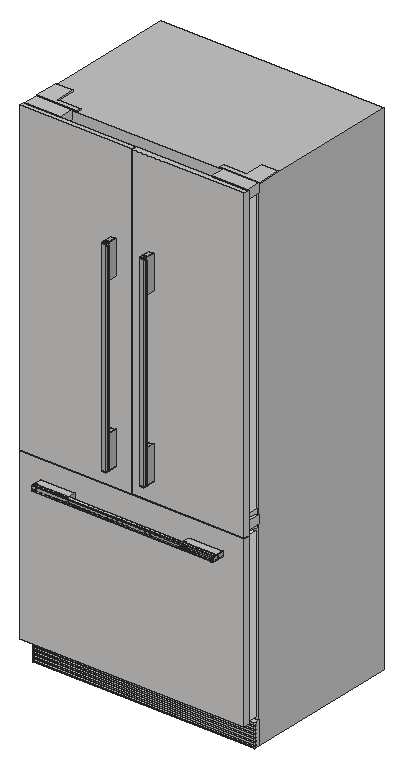
Revit family "FP-Revit20-RS32A72J1-FrenchDoorFridgeFreezer-0-90005076A-NZ-AU-UK-IE-EU-CN-ASIA", category Specialty Equipment, Revit 2020 (continued)
Definition of nested family "F&P Handle Kit - Contemporary Square - Vertical"
  Lines and regions (mm)
    sketch lines
      curve 1: line (8, -40.5, 363.5) -> (8, -29.487, 363.5)
      curve 2: arc (8, -40.5, 363.5) -> (7.561, -41.561, 363.5) -> (6.5, -42, 363.5) r 1.5
      curve 3: line (-6.5, -42, 363.5) -> (6.5, -42, 363.5)
      curve 4: arc (-6.5, -42, 363.5) -> (-7.561, -41.561, 363.5) -> (-8, -40.5, 363.5) r 1.5
      curve 5: line (-8, -29.514, 363.5) -> (-8, -40.5, 363.5)
      curve 6: line (8, -29.487, -363.5) -> (8, -40.5, -363.5)
      curve 7: arc (6.5, -42, -363.5) -> (7.561, -41.561, -363.5) -> (8, -40.5, -363.5) r 1.5
      curve 8: line (6.5, -42, -363.5) -> (-6.5, -42, -363.5)
      curve 9: arc (-8, -40.5, -363.5) -> (-7.561, -41.561, -363.5) -> (-6.5, -42, -363.5) r 1.5
      curve 10: line (-8, -40.5, -363.5) -> (-8, -29.514, -363.5)
  Dimensions and locks
    equal spacing: plane 4 "Top", level, plane 5 "Bottom"
    "Handle - Length": plane 4 "Top" to plane 5 "Bottom"
    locked: plane 4 "Top" to plane 6 "Top Standoff" at 120
    locked: plane 7 "Bottom Standoff" to plane 5 "Bottom" at 120
    aligned and locked: level to plane 2
    aligned and locked: plane 4 "Top" to Extrusion 2
    aligned and locked: Extrusion 2 to plane 6 "Top Standoff"
    aligned and locked: plane 4 "Top" to Extrusion 1
    aligned and locked: Extrusion 1 to plane 5 "Bottom"
    aligned and locked: Extrusion 3 to plane 5 "Bottom"
    aligned and locked: plane 7 "Bottom Standoff" to Extrusion 3
    aligned and locked: plane 4 "Top" to Extrusion 8 sketch curve
    aligned and locked: plane 6 "Top Standoff" to Extrusion 8 sketch curve
    aligned and locked: plane 7 "Bottom Standoff" to Extrusion 8 sketch curve
    aligned and locked: plane 5 "Bottom" to Extrusion 8 sketch curve
    aligned and locked: plane 1 "Center (Front/Back)" to Extrusion 8 sketch curve  (x2)
  Automatic sketch dimensions
    Extrusion 1 sketch curve to plane 3 "Center (Left/Right)" = 8 mm
    Extrusion 1 sketch curve to Extrusion 1 sketch curve = 1 mm  (x2)
    Extrusion 1 sketch curve to Extrusion 1 sketch curve = 1.5 mm
    plane 3 "Center (Left/Right)" to Extrusion 1 sketch curve = 0.018 mm
    plane 3 "Center (Left/Right)" to Extrusion 1 sketch curve = 6.5 mm
    plane 3 "Center (Left/Right)" to Extrusion 1 sketch curve = 7 mm
    plane 1 "Center (Front/Back)" to Extrusion 1 sketch curve = 42 mm
    Extrusion 1 sketch curve to Extrusion 1 sketch curve = 1.206 mm
    Extrusion 1 sketch curve to Extrusion 1 sketch curve = 10.986 mm
    Extrusion 1 sketch curve to Extrusion 1 sketch curve = 11.013 mm
    Extrusion 1 sketch curve to Extrusion 1 sketch curve = 0 mm
    plane 1 "Center (Front/Back)" to Extrusion 2 sketch curve = 0 mm
    Extrusion 2 sketch curve to plane 3 "Center (Left/Right)" = 7.674 mm
    Extrusion 2 sketch curve to Extrusion 2 sketch curve = 0.4 mm  (x2)
    Extrusion 2 sketch curve to plane 3 "Center (Left/Right)" = 0.026 mm
    plane 3 "Center (Left/Right)" to Extrusion 2 sketch curve = 7.274 mm
    plane 1 "Center (Front/Back)" to Extrusion 2 sketch curve = 27.86 mm
    Extrusion 2 sketch curve to Extrusion 2 sketch curve = 0.033 mm
    Extrusion 2 sketch curve to Extrusion 2 sketch curve = 11.398 mm
    Extrusion 2 sketch curve to Extrusion 2 sketch curve = 0 mm
    plane 1 "Center (Front/Back)" to Extrusion 3 sketch curve = 0 mm
    Extrusion 3 sketch curve to Extrusion 3 sketch curve = 0.4 mm  (x2)
    Extrusion 3 sketch curve to Extrusion 3 sketch curve = 7.248 mm
    Extrusion 3 sketch curve to Extrusion 3 sketch curve = 7.3 mm
    plane 1 "Center (Front/Back)" to Extrusion 3 sketch curve = 27.86 mm
    Extrusion 3 sketch curve to Extrusion 3 sketch curve = 0.033 mm
    Extrusion 3 sketch curve to Extrusion 3 sketch curve = 11.398 mm
    Extrusion 3 sketch curve to Extrusion 3 sketch curve = 0 mm
    Sweep 4 sketch curve to profile plane = 0 mm  (x2)
    Sweep 4 sketch curve to profile plane = 1.3 mm  (x2)
    Sweep 5 sketch curve to profile plane = 0 mm  (x2)
    Sweep 5 sketch curve to profile plane = 1.3 mm  (x2)
    Extrusion 6 sketch curve to plane 5 "Bottom" = 0 mm  (x2)
    plane 5 "Bottom" to Extrusion 6 sketch curve = 1.3 mm  (x2)
    Extrusion 6 sketch curve to plane 3 "Center (Left/Right)" = 8 mm
    Extrusion 6 sketch curve to Extrusion 6 sketch curve = 1.3 mm  (x2)
    plane 3 "Center (Left/Right)" to Extrusion 6 sketch curve = 8 mm
    Extrusion 7 sketch curve to plane 4 "Top" = 0 mm  (x2)
    Extrusion 7 sketch curve to plane 3 "Center (Left/Right)" = 8 mm
    Extrusion 7 sketch curve to Extrusion 7 sketch curve = 1.3 mm  (x2)
    plane 3 "Center (Left/Right)" to Extrusion 7 sketch curve = 8 mm
    Extrusion 7 sketch curve to plane 4 "Top" = 1.3 mm  (x2)
    plane 1 "Center (Front/Back)" to Extrusion 8 sketch curve = 26.245 mm
    plane 1 "Center (Front/Back)" to Extrusion 8 sketch curve = 42 mm
    Extrusion 3 sketch curve to plane 3 "Center (Left/Right)" = 7.674 mm
Definition of nested family "F&P Handle Kit - Contemporary Square Fine - Horizontal"
  Parameters (values of type "AHD5RD80AB - Contemporary square fine black handle (2 of 2) (Horizontal) 646mm")
    URL = "www.fisherpaykel.com"
    Material - Handle = none
    Manufacturer = "Fisher & Paykel Appliances"
    Handle - Length = 646 mm
    Default Elevation = 0 mm
  Types (15, lengths in mm): name | Handle - Length
    (no name) | 646
    AHD5RD2484W - Contemporary square fine handle (2 of 2) (Horizontal) 494mm | 494
    AHD5RD2484WB - Contemporary square fine black handle (2 of 2) (Horizontal) 494mm | 494
    AHD5RD3084W - Contemporary square fine handle (2 of 2) (Horizontal) 646mm | 646
    AHD5RD3084WB - Contemporary square fine black handle (2 of 2) (Horizontal) 646mm | 646
    AHD5RD7621W - Contemporary square fine handle (2 of 2) (Horizontal) 646mm | 646
    AHD5RD7621WB - Contemporary square fine handle black (2 of 2) (Horizontal) 646mm | 646
    AHD5RD6121W - Contemporary square fine handle (2 of 2) (Horizontal) 494mm | 494
    AHD5RD6121WB - Contemporary square fine handle black (2 of 2) (Horizontal) 494mm | 494
    AHD5RD36A - Contemporary square fine handle (2 of 2) (Horizontal) 746mm | 746
    AHD5RD36AB - Contemporary square fine black handle (2 of 2) (Horizontal) 746mm | 746
    AHD5RD90A - Contemporary square fine handle (2 of 2) (Horizontal) 746mm | 746
    AHD5RD80A - Contemporary square fine handle (2 of 2) (Horizontal) 646mm | 646
    AHD5RD80AB - Contemporary square fine black handle (2 of 2) (Horizontal) 646mm | 646
    AHD5RD90AB - Contemporary square fine black handle (2 of 2) (Horizontal) 746mm | 746
  Reference planes
    plane 1 "Center (Front/Back)": y = 0
    plane 2: z = 0
    plane 3 "Center (Left/Right)": x = 0
    plane 4 "Product LHS": x = -323
    plane 5 "Product RHS": x = 323
    plane 6 "LHS Standoff": x = -202.995
    plane 7 "RHS Standoff": x = 203.005
  Forms (mm)
    Extrusion 1, solid, material <- "Material - Handle", detail levels fine
      sketch origin (0, 0, 0) x (0, 1, 0) y (0, 0, 1)
        loop
          arc (-26.813, 6.16) -> (-27.196, 6.554) -> (-27.728, 6.686) r 1
          line (-27.728, 6.686) -> (-40.035, 6.256)
          arc (-40.035, 6.256) -> (-40.719, 5.951) -> (-41, 5.257) r 1
          line (-41, 5.257) -> (-41, -5.257)
          arc (-41, -5.257) -> (-40.719, -5.951) -> (-40.035, -6.256) r 1
          line (-40.035, -6.256) -> (-27.709, -6.686)
          arc (-27.709, -6.686) -> (-27.175, -6.554) -> (-26.792, -6.158) r 1
          arc (-26.792, -6.158) -> (-25.256, 0.004) -> (-26.813, 6.16) r 13.038
      from -323 to 323
    Extrusion 2, solid, material <- "Material - Handle", detail levels fine
      sketch origin (0, 0, 0) x (0, 1, 0) y (0, 0, 1)
        loop
          arc (-26.626, -6.008) -> (-26.614, -6.49) -> (-26.2, -6.737) r 0.5
          line (-26.2, -6.737) -> (0, -7.696) -> (0, 7.704) -> (-26.174, 6.747)
          arc (-26.174, 6.747) -> (-26.587, 6.5) -> (-26.6, 6.019) r 0.5
          arc (-26.6, 6.019) -> (-25.156, 0.002) -> (-26.626, -6.008) r 13.136
      from 203.005 to 323
    Extrusion 3, solid, material <- "Material - Handle", detail levels coarse+medium
      sketch origin (0, 0, 0) x (1, 0, 0) y (0, 1, 0)
        loop
          line (-323, -42) -> (323, -42) -> (323, 0) -> (203.005, 0) -> (203.005, -26.156) -> (-202.995, -26.156) -> (-202.995, 0) -> (-323, 0) -> (-323, -42)
      from -8.022 to 7.978
    Extrusion 4, solid, material <- "Material - Handle", detail levels fine
      sketch origin (0, 0, 0) x (0, 1, 0) y (0, 0, 1)
        loop
          arc (-26.626, -6.008) -> (-26.614, -6.49) -> (-26.2, -6.737) r 0.5
          line (-26.2, -6.737) -> (0, -7.696) -> (0, 7.704) -> (-26.174, 6.747)
          arc (-26.174, 6.747) -> (-26.587, 6.5) -> (-26.6, 6.019) r 0.5
          arc (-26.6, 6.019) -> (-25.156, 0.002) -> (-26.626, -6.008) r 13.136
      from -323 to -202.995
  Dimensions and locks
    equal spacing: plane 4 "Product LHS", plane 3 "Center (Left/Right)", plane 5 "Product RHS"
    "Handle - Length": plane 4 "Product LHS" to plane 5 "Product RHS"
    locked: plane 4 "Product LHS" to plane 6 "LHS Standoff" at 120.005
    locked: plane 7 "RHS Standoff" to plane 5 "Product RHS" at 119.995
    aligned and locked: level to plane 2
    aligned and locked: Extrusion 1 to plane 5 "Product RHS"
    aligned and locked: plane 4 "Product LHS" to Extrusion 1
    aligned and locked: Extrusion 2 to plane 5 "Product RHS"
    aligned and locked: plane 4 "Product LHS" to Extrusion 3 sketch curve
    aligned and locked: Extrusion 3 sketch curve to plane 5 "Product RHS"
    aligned and locked: Extrusion 3 sketch curve to plane 7 "RHS Standoff"
    aligned and locked: plane 6 "LHS Standoff" to Extrusion 3 sketch curve
    aligned and locked: plane 4 "Product LHS" to Extrusion 4
    aligned and locked: plane 6 "LHS Standoff" to Extrusion 4
    aligned and locked: Extrusion 2 to plane 7 "RHS Standoff"
  Automatic sketch dimensions
    Extrusion 1 sketch curve to level = 5.257 mm
    plane 1 "Center (Front/Back)" to Extrusion 1 sketch curve = 41 mm
    level to Extrusion 1 sketch curve = 6.256 mm
    Extrusion 1 sketch curve to Extrusion 1 sketch curve = 0.965 mm  (x2)
    Extrusion 1 sketch curve to level = 6.256 mm
    Extrusion 1 sketch curve to Extrusion 1 sketch curve = 0.035 mm  (x3)
    Extrusion 1 sketch curve to level = 0.018 mm
    Extrusion 1 sketch curve to Extrusion 1 sketch curve = 1.706 mm
    level to Extrusion 1 sketch curve = 6.686 mm
    Extrusion 1 sketch curve to Extrusion 1 sketch curve = 12.307 mm
    Extrusion 1 sketch curve to level = 6.686 mm
    Extrusion 1 sketch curve to Extrusion 1 sketch curve = 12.326 mm
    Extrusion 1 sketch curve to Extrusion 1 sketch curve = 0.999 mm  (x2)
    Extrusion 1 sketch curve to Extrusion 1 sketch curve = 0 mm
    Extrusion 2 sketch curve to plane 1 "Center (Front/Back)" = 0 mm
    level to Extrusion 2 sketch curve = 6.247 mm
    plane 1 "Center (Front/Back)" to Extrusion 2 sketch curve = 26.155 mm
    level to Extrusion 2 sketch curve = 6.747 mm
    Extrusion 2 sketch curve to Extrusion 2 sketch curve = 0.018 mm  (x2)
    Extrusion 2 sketch curve to level = 6.238 mm
    Extrusion 2 sketch curve to Extrusion 2 sketch curve = 0.026 mm
    Extrusion 2 sketch curve to level = 6.737 mm
    level to Extrusion 2 sketch curve = 0.03 mm
    Extrusion 2 sketch curve to Extrusion 2 sketch curve = 12.11 mm
    Extrusion 2 sketch curve to level = 7.696 mm
    level to Extrusion 2 sketch curve = 7.704 mm
    Extrusion 2 sketch curve to Extrusion 2 sketch curve = 0 mm
    plane 1 "Center (Front/Back)" to Extrusion 3 sketch curve = 42 mm
    Extrusion 3 sketch curve to Extrusion 3 sketch curve = 15.844 mm
    Extrusion 3 sketch curve to Extrusion 3 sketch curve = 26.156 mm  (x2)
    level to Extrusion 4 sketch curve = 0.03 mm
    plane 1 "Center (Front/Back)" to Extrusion 4 sketch curve = 38.291 mm
    Extrusion 4 sketch curve to level = 6.737 mm
    Extrusion 4 sketch curve to Extrusion 4 sketch curve = 12.091 mm
    Extrusion 4 sketch curve to Extrusion 4 sketch curve = 0.018 mm  (x2)
    level to Extrusion 4 sketch curve = 6.747 mm
    Extrusion 4 sketch curve to Extrusion 4 sketch curve = 0.008 mm
    level to Extrusion 4 sketch curve = 7.704 mm
    Extrusion 4 sketch curve to Extrusion 4 sketch curve = 26.174 mm
    Extrusion 4 sketch curve to level = 7.696 mm
    Extrusion 4 sketch curve to Extrusion 4 sketch curve = 0.5 mm  (x2)
    Extrusion 4 sketch curve to Extrusion 4 sketch curve = 0 mm
Definition of nested family "F&P Handle Kit - Contemporary Square Fine - Vertical"
  Parameters (values of type "AHD5RD90AB - Contemporary square fine black handle (1 of 2) (Vertical) 727mm")
    URL = "www.fisherpaykel.com"
    Material - Handle = none
    Manufacturer = "Fisher & Paykel Appliances"
    Handle - Length = 727 mm
    Default Elevation = 0 mm
  Types (14): name
    AHD5RD2484W - Contemporary square fine handle (1 of 2) (Vertical) 727mm
    AHD5RD2484WB - Contemporary square fine black handle (1 of 2) (Vertical) 727mm
    AHD5RD3084W - Contemporary square fine handle (1 of 2) (Vertical) 727mm
    AHD5RD3084WB - Contemporary square fine black handle (1 of 2) (Vertical) 727mm
    AHD5RD6121W - Contemporary square fine handle (1 of 2) (Vertical) 727mm
    AHD5RD6121WB - Contemporary square fine black handle (1 of 2) (Vertical) 727mm
    AHD5RD7621W - Contemporary square fine handle (1 of 2) (Vertical) 727mm
    AHD5RD7621WB - Contemporary square fine black handle (1 of 2) (Vertical) 727mm
    AHD5RD36A - Contemporary square fine handle (1 of 2) (Vertical) 727mm
    AHD5RD36AB - Contemporary square fine black handle (1 of 2) (Vertical) 727mm
    AHD5RD80A - Contemporary square fine handle (1 of 2) (Vertical) 727mm
    AHD5RD90A - Contemporary square fine handle (1 of 2) (Vertical) 727mm
    AHD5RD80AB - Contemporary square fine black handle (1 of 2) (Vertical) 727mm
    AHD5RD90AB - Contemporary square fine black handle (1 of 2) (Vertical) 727mm
  Reference planes
    plane 1 "Center (Front/Back)": y = 0
    plane 2: z = 0
    plane 3 "Center (Left/Right)": x = 0
    plane 4 "Top": z = 363.5
    plane 5 "Bottom": z = -363.5
    plane 6 "Top Standoff": z = 243.5
    plane 7 "Bottom Standoff": z = -243.5
  Forms (mm)
    Extrusion 1, solid, material <- "Material - Handle", detail levels fine
      sketch origin (0, 0, 0) x (1, 0, 0) y (0, 1, 0)
        loop
          arc (-6.16, -26.813) -> (-6.554, -27.196) -> (-6.686, -27.728) r 1
          line (-6.686, -27.728) -> (-6.256, -40.035)
          arc (-6.256, -40.035) -> (-5.951, -40.719) -> (-5.257, -41) r 1
          line (-5.257, -41) -> (5.257, -41)
          arc (5.257, -41) -> (5.951, -40.719) -> (6.256, -40.035) r 1
          line (6.256, -40.035) -> (6.686, -27.709)
          arc (6.686, -27.709) -> (6.554, -27.175) -> (6.158, -26.792) r 1
          arc (6.158, -26.792) -> (-0.004, -25.256) -> (-6.16, -26.813) r 13.038
      from -363.5 to 363.5
    Extrusion 2, solid, material <- "Material - Handle", detail levels fine
      sketch origin (0, 0, 0) x (1, 0, 0) y (0, 1, 0)
        loop
          arc (6.012, -26.626) -> (6.494, -26.614) -> (6.741, -26.2) r 0.5
          line (6.741, -26.2) -> (7.7, 0) -> (-7.7, 0) -> (-6.742, -26.174)
          arc (-6.742, -26.174) -> (-6.496, -26.587) -> (-6.015, -26.6) r 0.5
          arc (-6.015, -26.6) -> (0.002, -25.156) -> (6.012, -26.626) r 13.136
      from 243.5 to 363.5
    Extrusion 3, solid, material <- "Material - Handle", detail levels coarse+medium
      sketch origin (0, 0, 0) x (0, 1, 0) y (0, 0, 1)
        loop
          line (0, 363.5) -> (-42, 363.5) -> (-42, -363.5) -> (0, -363.5) -> (0, -243.5) -> (-26.245, -243.5) -> (-26.245, 243.5) -> (0, 243.5) -> (0, 363.5)
      from -8 to 8
    Extrusion 4, solid, material <- "Material - Handle", detail levels fine
      sketch origin (0, 0, 0) x (1, 0, 0) y (0, 1, 0)
        loop
          arc (6.012, -26.626) -> (6.494, -26.614) -> (6.741, -26.2) r 0.5
          line (6.741, -26.2) -> (7.7, 0) -> (-7.7, 0) -> (-6.742, -26.174)
          arc (-6.742, -26.174) -> (-6.496, -26.587) -> (-6.015, -26.6) r 0.5
          arc (-6.015, -26.6) -> (0.002, -25.156) -> (6.012, -26.626) r 13.136
      from -363.5 to -243.5
  Dimensions and locks
    equal spacing: plane 4 "Top", level, plane 5 "Bottom"
    "Handle - Length": plane 4 "Top" to plane 5 "Bottom"
    locked: plane 4 "Top" to plane 6 "Top Standoff" at 120
    locked: plane 7 "Bottom Standoff" to plane 5 "Bottom" at 120
    aligned and locked: level to plane 2
    aligned and locked: plane 4 "Top" to Extrusion 2
    aligned and locked: Extrusion 2 to plane 6 "Top Standoff"
    aligned and locked: plane 4 "Top" to Extrusion 1
    aligned and locked: Extrusion 1 to plane 5 "Bottom"
    aligned and locked: plane 4 "Top" to Extrusion 3 sketch curve
    aligned and locked: plane 6 "Top Standoff" to Extrusion 3 sketch curve
    aligned and locked: plane 7 "Bottom Standoff" to Extrusion 3 sketch curve
    aligned and locked: plane 5 "Bottom" to Extrusion 3 sketch curve
    aligned and locked: Extrusion 4 to plane 5 "Bottom"
    aligned and locked: plane 7 "Bottom Standoff" to Extrusion 4
  Automatic sketch dimensions
    Extrusion 1 sketch curve to plane 3 "Center (Left/Right)" = 6.686 mm
    Extrusion 1 sketch curve to plane 3 "Center (Left/Right)" = 6.256 mm
    Extrusion 1 sketch curve to Extrusion 1 sketch curve = 0.999 mm  (x4)
    plane 3 "Center (Left/Right)" to Extrusion 1 sketch curve = 0.018 mm
    plane 3 "Center (Left/Right)" to Extrusion 1 sketch curve = 5.257 mm
    plane 3 "Center (Left/Right)" to Extrusion 1 sketch curve = 5.687 mm
    plane 1 "Center (Front/Back)" to Extrusion 1 sketch curve = 41 mm
    Extrusion 1 sketch curve to Extrusion 1 sketch curve = 0.965 mm  (x2)
    Extrusion 1 sketch curve to Extrusion 1 sketch curve = 1.706 mm
    Extrusion 1 sketch curve to Extrusion 1 sketch curve = 12.307 mm
    Extrusion 1 sketch curve to Extrusion 1 sketch curve = 12.326 mm
    Extrusion 1 sketch curve to Extrusion 1 sketch curve = 0.035 mm  (x2)
    Extrusion 1 sketch curve to Extrusion 1 sketch curve = 0 mm
    plane 1 "Center (Front/Back)" to Extrusion 2 sketch curve = 0 mm
    Extrusion 2 sketch curve to plane 3 "Center (Left/Right)" = 7.7 mm
    Extrusion 2 sketch curve to plane 3 "Center (Left/Right)" = 6.742 mm
    Extrusion 2 sketch curve to Extrusion 2 sketch curve = 0.5 mm  (x2)
    Extrusion 2 sketch curve to plane 3 "Center (Left/Right)" = 0.026 mm
    plane 3 "Center (Left/Right)" to Extrusion 2 sketch curve = 6.242 mm
    plane 3 "Center (Left/Right)" to Extrusion 2 sketch curve = 7.7 mm
    plane 1 "Center (Front/Back)" to Extrusion 2 sketch curve = 26.155 mm
    Extrusion 2 sketch curve to Extrusion 2 sketch curve = 0.018 mm  (x2)
    Extrusion 2 sketch curve to Extrusion 2 sketch curve = 0.026 mm
    Extrusion 2 sketch curve to Extrusion 2 sketch curve = 12.11 mm
    Extrusion 2 sketch curve to Extrusion 2 sketch curve = 0 mm
    plane 1 "Center (Front/Back)" to Extrusion 3 sketch curve = 42 mm
    Extrusion 3 sketch curve to Extrusion 3 sketch curve = 15.755 mm
    Extrusion 3 sketch curve to Extrusion 3 sketch curve = 42 mm  (x2)
    Extrusion 4 sketch curve to plane 3 "Center (Left/Right)" = 7.7 mm
    Extrusion 4 sketch curve to plane 3 "Center (Left/Right)" = 6.742 mm
    Extrusion 4 sketch curve to Extrusion 4 sketch curve = 0.5 mm  (x2)
    Extrusion 4 sketch curve to plane 3 "Center (Left/Right)" = 0.026 mm
    plane 3 "Center (Left/Right)" to Extrusion 4 sketch curve = 6.242 mm
    plane 3 "Center (Left/Right)" to Extrusion 4 sketch curve = 7.7 mm
    plane 1 "Center (Front/Back)" to Extrusion 4 sketch curve = 38.291 mm
    Extrusion 4 sketch curve to Extrusion 4 sketch curve = 12.091 mm
    Extrusion 4 sketch curve to Extrusion 4 sketch curve = 0.018 mm  (x2)
    Extrusion 4 sketch curve to Extrusion 4 sketch curve = 0.452 mm
    Extrusion 4 sketch curve to Extrusion 4 sketch curve = 26.174 mm
    Extrusion 4 sketch curve to Extrusion 4 sketch curve = 0 mm
Definition of nested family "Comment Marker 2D"
  Types (3): name
    New
    Resolved
    Active
  Reference planes
    plane 1: y = 0
    plane 2: x = 0
  Text (mm)
    text "Edit Type: \nTo control handle kit \nand door panel visibility\n options\n\nDelete unwanted kits \nto reduce file size" at (-0.165, 35.556, 0)
